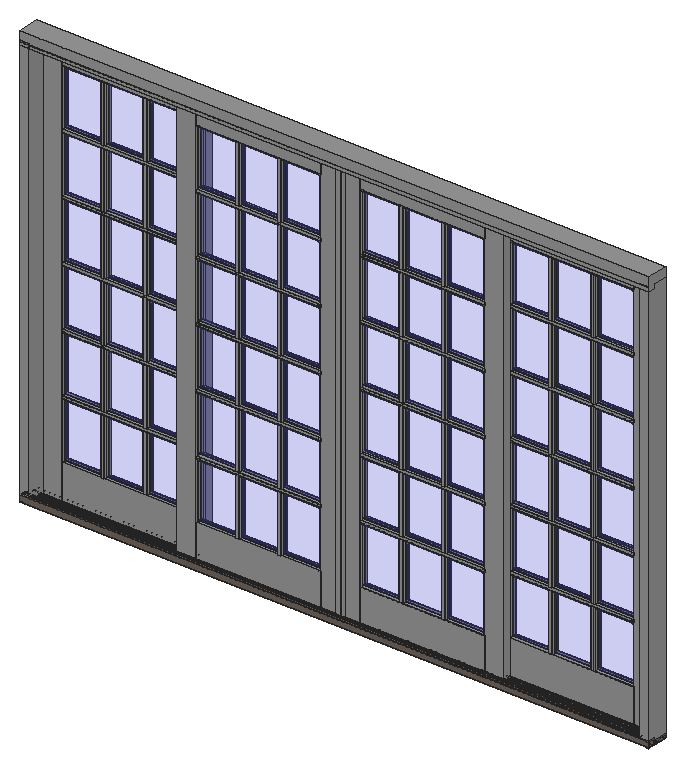
Revit family "VSDA3.1SPCO", category Doors, host Wall, Revit 2015 (continued)
Automatic sketch dimensions
  Sweep 20 sketch curve to Sweep 20 sketch curve = 6.759 mm
  Sweep 20 sketch curve to Sweep 20 sketch curve = 2 mm  (x2)
  Sweep 20 sketch curve to profile plane = 132.5 mm
  Sweep 20 sketch curve to Sweep 20 sketch curve = 6 mm
  Sweep 21 sketch curve to plane 3 "Left" = 760.48 mm
  Sweep 21 sketch curve to Sweep 21 sketch curve = 197.82 mm
  plane 5 to Sweep 21 sketch curve = 735 mm
  Sweep 21 sketch curve to Sweep 21 sketch curve = 284 mm
  Sweep 21 sketch curve to profile plane = 0 mm
  Sweep 21 sketch curve to profile plane = 0.241 mm
  Sweep 21 sketch curve to Sweep 21 sketch curve = 6.759 mm
  Sweep 21 sketch curve to Sweep 21 sketch curve = 2 mm  (x2)
  Sweep 21 sketch curve to profile plane = 132.5 mm
  Sweep 21 sketch curve to Sweep 21 sketch curve = 6 mm
  Sweep 22 sketch curve to plane 3 "Left" = 338.82 mm
  Sweep 22 sketch curve to plane 3 "Left" = 141 mm
  plane 5 to Sweep 22 sketch curve = 1032 mm
  Sweep 22 sketch curve to Sweep 22 sketch curve = 284 mm
  Sweep 22 sketch curve to profile plane = 0 mm
  Sweep 22 sketch curve to profile plane = 0.241 mm
  Sweep 22 sketch curve to Sweep 22 sketch curve = 6.759 mm
  Sweep 22 sketch curve to Sweep 22 sketch curve = 2 mm  (x2)
  Sweep 22 sketch curve to profile plane = 132.5 mm
  Sweep 22 sketch curve to Sweep 22 sketch curve = 6 mm
  host wall to Extrusion 23 sketch curve = 36 mm
  plane 3 "Left" to Extrusion 23 sketch curve = 571.66 mm
  Extrusion 23 sketch curve to Extrusion 23 sketch curve = 2 mm  (x8)
  Extrusion 23 sketch curve to Extrusion 23 sketch curve = 6.759 mm  (x4)
  Extrusion 23 sketch curve to Extrusion 23 sketch curve = 0.241 mm  (x6)
  host wall to Extrusion 23 sketch curve = 4 mm  (x2)
  Extrusion 23 sketch curve to Extrusion 23 sketch curve = 13 mm  (x3)
  Extrusion 23 sketch curve to Extrusion 23 sketch curve = 0 mm  (x2)
  host wall to Extrusion 23 sketch curve = 34 mm
  Extrusion 23 sketch curve to Extrusion 23 sketch curve = 179.84 mm
  Extrusion 23 sketch curve to Extrusion 23 sketch curve = 8 mm
  Extrusion 23 sketch curve to Extrusion 23 sketch curve = 6 mm  (x4)
  Extrusion 23 sketch curve to Extrusion 23 sketch curve = 1.197 mm  (x2)
  Sweep 24 sketch curve to plane 3 "Left" = 549.64 mm
  Sweep 24 sketch curve to Sweep 24 sketch curve = 197.82 mm
  plane 5 to Sweep 24 sketch curve = 1032 mm
  Sweep 24 sketch curve to Sweep 24 sketch curve = 284 mm
  Sweep 24 sketch curve to profile plane = 0 mm
  Sweep 24 sketch curve to profile plane = 0.241 mm
  Sweep 24 sketch curve to Sweep 24 sketch curve = 6.759 mm
  Sweep 24 sketch curve to Sweep 24 sketch curve = 2 mm  (x2)
  Sweep 24 sketch curve to profile plane = 132.5 mm
  Sweep 24 sketch curve to Sweep 24 sketch curve = 6 mm
  Sweep 25 sketch curve to plane 3 "Left" = 760.48 mm
  Sweep 25 sketch curve to Sweep 25 sketch curve = 197.82 mm
  plane 5 to Sweep 25 sketch curve = 1032 mm
  Sweep 25 sketch curve to Sweep 25 sketch curve = 284 mm
  Sweep 25 sketch curve to profile plane = 0 mm
  Sweep 25 sketch curve to profile plane = 0.241 mm
  Sweep 25 sketch curve to Sweep 25 sketch curve = 6.759 mm
  Sweep 25 sketch curve to Sweep 25 sketch curve = 2 mm  (x2)
  Sweep 25 sketch curve to profile plane = 132.5 mm
  Sweep 25 sketch curve to Sweep 25 sketch curve = 6 mm
  Sweep 26 sketch curve to plane 3 "Left" = 338.82 mm
  Sweep 26 sketch curve to plane 3 "Left" = 141 mm
  level to Sweep 26 sketch curve = 771 mm
  Sweep 26 sketch curve to Sweep 26 sketch curve = 284 mm
  Sweep 26 sketch curve to profile plane = 0 mm
  Sweep 26 sketch curve to profile plane = 0.241 mm
  Sweep 26 sketch curve to Sweep 26 sketch curve = 6.759 mm
  Sweep 26 sketch curve to Sweep 26 sketch curve = 2 mm  (x2)
  Sweep 26 sketch curve to profile plane = 132.5 mm
  Sweep 26 sketch curve to Sweep 26 sketch curve = 6 mm
  host wall to Extrusion 27 sketch curve = 36 mm
  plane 3 "Left" to Extrusion 27 sketch curve = 571.66 mm
  Extrusion 27 sketch curve to Extrusion 27 sketch curve = 2 mm  (x8)
  Extrusion 27 sketch curve to Extrusion 27 sketch curve = 6.759 mm  (x4)
  Extrusion 27 sketch curve to Extrusion 27 sketch curve = 0.241 mm  (x6)
  host wall to Extrusion 27 sketch curve = 4 mm  (x2)
  Extrusion 27 sketch curve to Extrusion 27 sketch curve = 13 mm  (x3)
  Extrusion 27 sketch curve to Extrusion 27 sketch curve = 0 mm  (x2)
  host wall to Extrusion 27 sketch curve = 34 mm
  Extrusion 27 sketch curve to Extrusion 27 sketch curve = 179.84 mm
  Extrusion 27 sketch curve to Extrusion 27 sketch curve = 8 mm
  Extrusion 27 sketch curve to Extrusion 27 sketch curve = 6 mm  (x4)
  Extrusion 27 sketch curve to Extrusion 27 sketch curve = 1.197 mm  (x2)
  Sweep 28 sketch curve to plane 3 "Left" = 549.64 mm
  Sweep 28 sketch curve to Sweep 28 sketch curve = 197.82 mm
  level to Sweep 28 sketch curve = 771 mm
  Sweep 28 sketch curve to Sweep 28 sketch curve = 284 mm
  Sweep 28 sketch curve to profile plane = 0 mm
  Sweep 28 sketch curve to profile plane = 0.241 mm
  Sweep 28 sketch curve to Sweep 28 sketch curve = 6.759 mm
  Sweep 28 sketch curve to Sweep 28 sketch curve = 2 mm  (x2)
  Sweep 28 sketch curve to profile plane = 132.5 mm
  Sweep 28 sketch curve to Sweep 28 sketch curve = 6 mm
  Sweep 29 sketch curve to plane 3 "Left" = 760.48 mm
  Sweep 29 sketch curve to Sweep 29 sketch curve = 197.82 mm
  level to Sweep 29 sketch curve = 771 mm
  Sweep 29 sketch curve to Sweep 29 sketch curve = 284 mm
  Sweep 29 sketch curve to profile plane = 0 mm
  Sweep 29 sketch curve to profile plane = 0.241 mm
  Sweep 29 sketch curve to Sweep 29 sketch curve = 6.759 mm
  Sweep 29 sketch curve to Sweep 29 sketch curve = 2 mm  (x2)
  Sweep 29 sketch curve to profile plane = 132.5 mm
  Sweep 29 sketch curve to Sweep 29 sketch curve = 6 mm
  Sweep 30 sketch curve to plane 3 "Left" = 338.82 mm
  Sweep 30 sketch curve to plane 3 "Left" = 141 mm
  level to Sweep 30 sketch curve = 474 mm
  level to Sweep 30 sketch curve = 190 mm
  Sweep 30 sketch curve to profile plane = 0 mm
  Sweep 30 sketch curve to profile plane = 0.241 mm
  Sweep 30 sketch curve to Sweep 30 sketch curve = 6.759 mm
  Sweep 30 sketch curve to Sweep 30 sketch curve = 2 mm  (x2)
  Sweep 30 sketch curve to profile plane = 132.5 mm
  Sweep 30 sketch curve to Sweep 30 sketch curve = 6 mm
  host wall to Extrusion 31 sketch curve = 36 mm
  plane 3 "Left" to Extrusion 31 sketch curve = 571.66 mm
  Extrusion 31 sketch curve to Extrusion 31 sketch curve = 2 mm  (x8)
  Extrusion 31 sketch curve to Extrusion 31 sketch curve = 6.759 mm  (x4)
  Extrusion 31 sketch curve to Extrusion 31 sketch curve = 0.241 mm  (x6)
  host wall to Extrusion 31 sketch curve = 4 mm  (x2)
  Extrusion 31 sketch curve to Extrusion 31 sketch curve = 13 mm  (x3)
  Extrusion 31 sketch curve to Extrusion 31 sketch curve = 0 mm  (x2)
  host wall to Extrusion 31 sketch curve = 34 mm
  Extrusion 31 sketch curve to Extrusion 31 sketch curve = 179.84 mm
  Extrusion 31 sketch curve to Extrusion 31 sketch curve = 8 mm
  Extrusion 31 sketch curve to Extrusion 31 sketch curve = 6 mm  (x4)
  Extrusion 31 sketch curve to Extrusion 31 sketch curve = 1.197 mm  (x2)
  level to Sweep 32 sketch curve = 190 mm
  Sweep 32 sketch curve to plane 3 "Left" = 549.64 mm
  Sweep 32 sketch curve to Sweep 32 sketch curve = 197.82 mm
  Sweep 32 sketch curve to Sweep 32 sketch curve = 284 mm
  Sweep 32 sketch curve to profile plane = 0 mm
  Sweep 32 sketch curve to profile plane = 0.241 mm
  Sweep 32 sketch curve to Sweep 32 sketch curve = 6.759 mm
  Sweep 32 sketch curve to Sweep 32 sketch curve = 2 mm  (x2)
  Sweep 32 sketch curve to profile plane = 132.5 mm
  Sweep 32 sketch curve to Sweep 32 sketch curve = 6 mm
  level to Sweep 33 sketch curve = 190 mm
  Sweep 33 sketch curve to plane 3 "Left" = 760.48 mm
  Sweep 33 sketch curve to Sweep 33 sketch curve = 197.82 mm
  Sweep 33 sketch curve to Sweep 33 sketch curve = 284 mm
  Sweep 33 sketch curve to profile plane = 0 mm
  Sweep 33 sketch curve to profile plane = 0.241 mm
  Sweep 33 sketch curve to Sweep 33 sketch curve = 6.759 mm
  Sweep 33 sketch curve to Sweep 33 sketch curve = 2 mm  (x2)
  Sweep 33 sketch curve to profile plane = 132.5 mm
  Sweep 33 sketch curve to Sweep 33 sketch curve = 6 mm
  host wall to Extrusion 34 sketch curve = 15.5 mm  (x7)
  Extrusion 34 sketch curve to Extrusion 34 sketch curve = 2 mm  (x28)
  host wall to Extrusion 34 sketch curve = 7.5 mm  (x12)
  host wall to Extrusion 34 sketch curve = 6.697 mm  (x12)
  Extrusion 34 sketch curve to Extrusion 34 sketch curve = 1.197 mm  (x8)
  Extrusion 34 sketch curve to host wall = 24.5 mm  (x7)
  plane 5 to Extrusion 34 sketch curve = 45 mm
  Extrusion 34 sketch curve to Extrusion 34 sketch curve = 96 mm
  Extrusion 34 sketch curve to Extrusion 34 sketch curve = 0 mm  (x6)
  Extrusion 34 sketch curve to Extrusion 34 sketch curve = 0.241 mm  (x12)
  Extrusion 34 sketch curve to Extrusion 34 sketch curve = 266 mm  (x5)
  Extrusion 34 sketch curve to Extrusion 34 sketch curve = 6.759 mm  (x6)
  Extrusion 34 sketch curve to Extrusion 34 sketch curve = 13 mm  (x5)
  level to Extrusion 34 sketch curve = 199 mm
  level to Extrusion 34 sketch curve = 19 mm
  Sweep 35 sketch curve to plane 2 "Center (Left/Right)" = 519.68 mm
  Sweep 35 sketch curve to Sweep 35 sketch curve = 197.82 mm
  Sweep 35 sketch curve to Sweep 35 sketch curve = 284 mm
  Sweep 35 sketch curve to profile plane = 0 mm
  Sweep 35 sketch curve to profile plane = 0.241 mm
  Sweep 35 sketch curve to Sweep 35 sketch curve = 6.759 mm
  Sweep 35 sketch curve to Sweep 35 sketch curve = 2 mm  (x2)
  Sweep 35 sketch curve to profile plane = 132.5 mm
  Sweep 35 sketch curve to Sweep 35 sketch curve = 6 mm
  Extrusion 36 sketch curve to plane 2 "Center (Left/Right)" = 98 mm  (x4)
  Extrusion 36 sketch curve to Extrusion 36 sketch curve = 0 mm  (x23)
  Extrusion 36 sketch curve to Extrusion 36 sketch curve = 197.83 mm  (x3)
  Extrusion 36 sketch curve to Extrusion 36 sketch curve = 13.01 mm  (x10)
  Extrusion 36 sketch curve to Extrusion 36 sketch curve = 197.84 mm  (x3)
  Extrusion 36 sketch curve to Extrusion 36 sketch curve = 197.81 mm
  plane 5 to Extrusion 36 sketch curve = 141 mm
  plane 5 to Extrusion 36 sketch curve = 141.011 mm
  Extrusion 36 sketch curve to Extrusion 36 sketch curve = 283.989 mm  (x5)
  Extrusion 36 sketch curve to Extrusion 36 sketch curve = 0.011 mm  (x7)
  Extrusion 36 sketch curve to Extrusion 36 sketch curve = 12.989 mm
  Extrusion 36 sketch curve to Extrusion 36 sketch curve = 13 mm  (x6)
  Extrusion 36 sketch curve to Extrusion 36 sketch curve = 13.011 mm  (x5)
  level to Extrusion 36 sketch curve = 190.022 mm
  level to Extrusion 36 sketch curve = 190.011 mm
  Extrusion 37 sketch curve to host wall = 7.5 mm  (x3)
  plane 2 "Center (Left/Right)" to Extrusion 37 sketch curve = 286.84 mm
  Extrusion 37 sketch curve to Extrusion 37 sketch curve = 2 mm  (x8)
  Extrusion 37 sketch curve to Extrusion 37 sketch curve = 6.759 mm  (x4)
  Extrusion 37 sketch curve to Extrusion 37 sketch curve = 0.241 mm  (x6)
  Extrusion 37 sketch curve to Extrusion 37 sketch curve = 13 mm  (x3)
  Extrusion 37 sketch curve to Extrusion 37 sketch curve = 0 mm  (x2)
  Extrusion 37 sketch curve to host wall = 5.5 mm
  Extrusion 37 sketch curve to Extrusion 37 sketch curve = 179.84 mm
  Extrusion 37 sketch curve to Extrusion 37 sketch curve = 8 mm
  Extrusion 37 sketch curve to host wall = 13.5 mm
  Extrusion 37 sketch curve to Extrusion 37 sketch curve = 6 mm
  Extrusion 37 sketch curve to Extrusion 37 sketch curve = 1.197 mm  (x2)
  host wall to Extrusion 37 sketch curve = 24.5 mm  (x2)
  Sweep 38 sketch curve to plane 2 "Center (Left/Right)" = 308.86 mm
  Sweep 38 sketch curve to Sweep 38 sketch curve = 197.82 mm
  plane 5 to Sweep 38 sketch curve = 141 mm
  Sweep 38 sketch curve to Sweep 38 sketch curve = 284 mm
  Sweep 38 sketch curve to profile plane = 0 mm
  Sweep 38 sketch curve to profile plane = 0.241 mm
  Sweep 38 sketch curve to Sweep 38 sketch curve = 6.759 mm
  Sweep 38 sketch curve to Sweep 38 sketch curve = 2 mm  (x2)
  Sweep 38 sketch curve to profile plane = 132.5 mm
  Sweep 38 sketch curve to Sweep 38 sketch curve = 6 mm
  Sweep 39 sketch curve to plane 2 "Center (Left/Right)" = 98.02 mm
  Sweep 39 sketch curve to Sweep 39 sketch curve = 197.82 mm
  plane 5 to Sweep 39 sketch curve = 141 mm
  Sweep 39 sketch curve to Sweep 39 sketch curve = 284 mm
  Sweep 39 sketch curve to profile plane = 0 mm
  Sweep 39 sketch curve to profile plane = 0.241 mm
  Sweep 39 sketch curve to Sweep 39 sketch curve = 6.759 mm
  Sweep 39 sketch curve to Sweep 39 sketch curve = 2 mm  (x2)
  Sweep 39 sketch curve to profile plane = 132.5 mm
  Sweep 39 sketch curve to Sweep 39 sketch curve = 6 mm
  Sweep 40 sketch curve to plane 2 "Center (Left/Right)" = 519.68 mm
  Sweep 40 sketch curve to Sweep 40 sketch curve = 197.82 mm
  plane 5 to Sweep 40 sketch curve = 438 mm
  Sweep 40 sketch curve to Sweep 40 sketch curve = 284 mm
  Sweep 40 sketch curve to profile plane = 0 mm
  Sweep 40 sketch curve to profile plane = 0.241 mm
  Sweep 40 sketch curve to Sweep 40 sketch curve = 6.759 mm
  Sweep 40 sketch curve to Sweep 40 sketch curve = 2 mm  (x2)
  Sweep 40 sketch curve to profile plane = 132.5 mm
  Sweep 40 sketch curve to Sweep 40 sketch curve = 6 mm
  Sweep 41 sketch curve to plane 2 "Center (Left/Right)" = 308.86 mm
  Sweep 41 sketch curve to Sweep 41 sketch curve = 197.82 mm
  plane 5 to Sweep 41 sketch curve = 438 mm
  Sweep 41 sketch curve to Sweep 41 sketch curve = 284 mm
  Sweep 41 sketch curve to profile plane = 0 mm
  Sweep 41 sketch curve to profile plane = 0.241 mm
  Sweep 41 sketch curve to Sweep 41 sketch curve = 6.759 mm
  Sweep 41 sketch curve to Sweep 41 sketch curve = 2 mm  (x2)
  Sweep 41 sketch curve to profile plane = 132.5 mm
  Sweep 41 sketch curve to Sweep 41 sketch curve = 6 mm
  Sweep 42 sketch curve to plane 2 "Center (Left/Right)" = 98.02 mm
  Sweep 42 sketch curve to Sweep 42 sketch curve = 197.82 mm
  plane 5 to Sweep 42 sketch curve = 438 mm
  Sweep 42 sketch curve to Sweep 42 sketch curve = 284 mm
  Sweep 42 sketch curve to profile plane = 0 mm
  Sweep 42 sketch curve to profile plane = 0.241 mm
  Sweep 42 sketch curve to Sweep 42 sketch curve = 6.759 mm
  Sweep 42 sketch curve to Sweep 42 sketch curve = 2 mm  (x2)
  Sweep 42 sketch curve to profile plane = 132.5 mm
  Sweep 42 sketch curve to Sweep 42 sketch curve = 6 mm
  Sweep 43 sketch curve to plane 2 "Center (Left/Right)" = 519.68 mm
  Sweep 43 sketch curve to Sweep 43 sketch curve = 197.82 mm
  plane 5 to Sweep 43 sketch curve = 735 mm
  Sweep 43 sketch curve to Sweep 43 sketch curve = 284 mm
  Sweep 43 sketch curve to profile plane = 0 mm
  Sweep 43 sketch curve to profile plane = 0.241 mm
  Sweep 43 sketch curve to Sweep 43 sketch curve = 6.759 mm
  Sweep 43 sketch curve to Sweep 43 sketch curve = 2 mm  (x2)
  Sweep 43 sketch curve to profile plane = 132.5 mm
  Sweep 43 sketch curve to Sweep 43 sketch curve = 6 mm
  Sweep 44 sketch curve to plane 2 "Center (Left/Right)" = 308.86 mm
  Sweep 44 sketch curve to Sweep 44 sketch curve = 197.82 mm
  plane 5 to Sweep 44 sketch curve = 735 mm
  Sweep 44 sketch curve to Sweep 44 sketch curve = 284 mm
  Sweep 44 sketch curve to profile plane = 0 mm
  Sweep 44 sketch curve to profile plane = 0.241 mm
  Sweep 44 sketch curve to Sweep 44 sketch curve = 6.759 mm
  Sweep 44 sketch curve to Sweep 44 sketch curve = 2 mm  (x2)
  Sweep 44 sketch curve to profile plane = 132.5 mm
  Sweep 44 sketch curve to Sweep 44 sketch curve = 6 mm
  Sweep 45 sketch curve to plane 2 "Center (Left/Right)" = 98.02 mm
  Sweep 45 sketch curve to Sweep 45 sketch curve = 197.82 mm
  plane 5 to Sweep 45 sketch curve = 735 mm
  Sweep 45 sketch curve to Sweep 45 sketch curve = 284 mm
  Sweep 45 sketch curve to profile plane = 0 mm
  Sweep 45 sketch curve to profile plane = 0.241 mm
  Sweep 45 sketch curve to Sweep 45 sketch curve = 6.759 mm
  Sweep 45 sketch curve to Sweep 45 sketch curve = 2 mm  (x2)
  Sweep 45 sketch curve to profile plane = 132.5 mm
  Sweep 45 sketch curve to Sweep 45 sketch curve = 6 mm
  Sweep 46 sketch curve to plane 2 "Center (Left/Right)" = 519.68 mm
  Sweep 46 sketch curve to Sweep 46 sketch curve = 197.82 mm
  plane 5 to Sweep 46 sketch curve = 1032 mm
  Sweep 46 sketch curve to Sweep 46 sketch curve = 284 mm
  Sweep 46 sketch curve to profile plane = 0 mm
  Sweep 46 sketch curve to profile plane = 0.241 mm
  Sweep 46 sketch curve to Sweep 46 sketch curve = 6.759 mm
  Sweep 46 sketch curve to Sweep 46 sketch curve = 2 mm  (x2)
  Sweep 46 sketch curve to profile plane = 132.5 mm
  Sweep 46 sketch curve to Sweep 46 sketch curve = 6 mm
  Sweep 47 sketch curve to plane 2 "Center (Left/Right)" = 308.86 mm
  Sweep 47 sketch curve to Sweep 47 sketch curve = 197.82 mm
  plane 5 to Sweep 47 sketch curve = 1032 mm
  Sweep 47 sketch curve to Sweep 47 sketch curve = 284 mm
  Sweep 47 sketch curve to profile plane = 0 mm
  Sweep 47 sketch curve to profile plane = 0.241 mm
  Sweep 47 sketch curve to Sweep 47 sketch curve = 6.759 mm
  Sweep 47 sketch curve to Sweep 47 sketch curve = 2 mm  (x2)
  Sweep 47 sketch curve to profile plane = 132.5 mm
  Sweep 47 sketch curve to Sweep 47 sketch curve = 6 mm
  Sweep 48 sketch curve to plane 2 "Center (Left/Right)" = 98.02 mm
  Sweep 48 sketch curve to Sweep 48 sketch curve = 197.82 mm
  plane 5 to Sweep 48 sketch curve = 1032 mm
  Sweep 48 sketch curve to Sweep 48 sketch curve = 284 mm
  Sweep 48 sketch curve to profile plane = 0 mm
  Sweep 48 sketch curve to profile plane = 0.241 mm
  Sweep 48 sketch curve to Sweep 48 sketch curve = 6.759 mm
  Sweep 48 sketch curve to Sweep 48 sketch curve = 2 mm  (x2)
  Sweep 48 sketch curve to profile plane = 132.5 mm
  Sweep 48 sketch curve to Sweep 48 sketch curve = 6 mm
  Sweep 49 sketch curve to plane 2 "Center (Left/Right)" = 519.68 mm
  Sweep 49 sketch curve to Sweep 49 sketch curve = 197.82 mm
  level to Sweep 49 sketch curve = 771 mm
  Sweep 49 sketch curve to Sweep 49 sketch curve = 284 mm
  Sweep 49 sketch curve to profile plane = 0 mm
  Sweep 49 sketch curve to profile plane = 0.241 mm
  Sweep 49 sketch curve to Sweep 49 sketch curve = 6.759 mm
  Sweep 49 sketch curve to Sweep 49 sketch curve = 2 mm  (x2)
  Sweep 49 sketch curve to profile plane = 132.5 mm
  Sweep 49 sketch curve to Sweep 49 sketch curve = 6 mm
  Sweep 50 sketch curve to plane 2 "Center (Left/Right)" = 308.86 mm
  Sweep 50 sketch curve to Sweep 50 sketch curve = 197.82 mm
  level to Sweep 50 sketch curve = 771 mm
  Sweep 50 sketch curve to Sweep 50 sketch curve = 284 mm
  Sweep 50 sketch curve to profile plane = 0 mm
  Sweep 50 sketch curve to profile plane = 0.241 mm
  Sweep 50 sketch curve to Sweep 50 sketch curve = 6.759 mm
  Sweep 50 sketch curve to Sweep 50 sketch curve = 2 mm  (x2)
  Sweep 50 sketch curve to profile plane = 132.5 mm
  Sweep 50 sketch curve to Sweep 50 sketch curve = 6 mm
  Sweep 51 sketch curve to plane 2 "Center (Left/Right)" = 98.02 mm
  Sweep 51 sketch curve to Sweep 51 sketch curve = 197.82 mm
  level to Sweep 51 sketch curve = 771 mm
  Sweep 51 sketch curve to Sweep 51 sketch curve = 284 mm
  Sweep 51 sketch curve to profile plane = 0 mm
  Sweep 51 sketch curve to profile plane = 0.241 mm
  Sweep 51 sketch curve to Sweep 51 sketch curve = 6.759 mm
  Sweep 51 sketch curve to Sweep 51 sketch curve = 2 mm  (x2)
  Sweep 51 sketch curve to profile plane = 132.5 mm
  Sweep 51 sketch curve to Sweep 51 sketch curve = 6 mm
  level to Sweep 52 sketch curve = 190 mm
  Sweep 52 sketch curve to plane 2 "Center (Left/Right)" = 519.68 mm
  Sweep 52 sketch curve to Sweep 52 sketch curve = 197.82 mm
  Sweep 52 sketch curve to Sweep 52 sketch curve = 284 mm
  Sweep 52 sketch curve to profile plane = 0 mm
  Sweep 52 sketch curve to profile plane = 0.241 mm
  Sweep 52 sketch curve to Sweep 52 sketch curve = 6.759 mm
  Sweep 52 sketch curve to Sweep 52 sketch curve = 2 mm  (x2)
  Sweep 52 sketch curve to profile plane = 132.5 mm
  Sweep 52 sketch curve to Sweep 52 sketch curve = 6 mm
  Sweep 53 sketch curve to plane 2 "Center (Left/Right)" = 308.86 mm
  Sweep 53 sketch curve to Sweep 53 sketch curve = 197.82 mm
  level to Sweep 53 sketch curve = 474 mm
  level to Sweep 53 sketch curve = 190 mm
  Sweep 53 sketch curve to profile plane = 0 mm
  Sweep 53 sketch curve to profile plane = 0.241 mm
  Sweep 53 sketch curve to Sweep 53 sketch curve = 6.759 mm
  Sweep 53 sketch curve to Sweep 53 sketch curve = 2 mm  (x2)
  Sweep 53 sketch curve to profile plane = 132.5 mm
  Sweep 53 sketch curve to Sweep 53 sketch curve = 6 mm
  Sweep 54 sketch curve to plane 2 "Center (Left/Right)" = 98.02 mm
  Sweep 54 sketch curve to Sweep 54 sketch curve = 197.82 mm
  level to Sweep 54 sketch curve = 474 mm
  level to Sweep 54 sketch curve = 190 mm
  Sweep 54 sketch curve to profile plane = 0 mm
  Sweep 54 sketch curve to profile plane = 0.241 mm
  Sweep 54 sketch curve to Sweep 54 sketch curve = 6.759 mm
  Sweep 54 sketch curve to Sweep 54 sketch curve = 2 mm  (x2)
  Sweep 54 sketch curve to profile plane = 132.5 mm
  Sweep 54 sketch curve to Sweep 54 sketch curve = 6 mm
  Extrusion 55 sketch curve to host wall = 7.5 mm  (x3)
  plane 2 "Center (Left/Right)" to Extrusion 55 sketch curve = 286.84 mm
  Extrusion 55 sketch curve to Extrusion 55 sketch curve = 2 mm  (x8)
  Extrusion 55 sketch curve to Extrusion 55 sketch curve = 6.759 mm  (x4)
  Extrusion 55 sketch curve to Extrusion 55 sketch curve = 0.241 mm  (x6)
  Extrusion 55 sketch curve to Extrusion 55 sketch curve = 13 mm  (x3)
  Extrusion 55 sketch curve to Extrusion 55 sketch curve = 0 mm  (x2)
  Extrusion 55 sketch curve to host wall = 5.5 mm
  Extrusion 55 sketch curve to Extrusion 55 sketch curve = 179.84 mm
  Extrusion 55 sketch curve to Extrusion 55 sketch curve = 8 mm
  Extrusion 55 sketch curve to host wall = 13.5 mm
  Extrusion 55 sketch curve to Extrusion 55 sketch curve = 6 mm
  Extrusion 55 sketch curve to Extrusion 55 sketch curve = 1.197 mm  (x2)
  host wall to Extrusion 55 sketch curve = 24.5 mm  (x2)
  Extrusion 56 sketch curve to host wall = 7.5 mm  (x3)
  plane 2 "Center (Left/Right)" to Extrusion 56 sketch curve = 286.84 mm
  Extrusion 56 sketch curve to Extrusion 56 sketch curve = 2 mm  (x8)
  Extrusion 56 sketch curve to Extrusion 56 sketch curve = 6.759 mm  (x4)
  Extrusion 56 sketch curve to Extrusion 56 sketch curve = 0.241 mm  (x6)
  Extrusion 56 sketch curve to Extrusion 56 sketch curve = 13 mm  (x3)
  Extrusion 56 sketch curve to Extrusion 56 sketch curve = 0 mm  (x2)
  Extrusion 56 sketch curve to host wall = 5.5 mm
  Extrusion 56 sketch curve to Extrusion 56 sketch curve = 179.84 mm
  Extrusion 56 sketch curve to Extrusion 56 sketch curve = 8 mm
  Extrusion 56 sketch curve to host wall = 13.5 mm
  Extrusion 56 sketch curve to Extrusion 56 sketch curve = 6 mm
  Extrusion 56 sketch curve to Extrusion 56 sketch curve = 1.197 mm  (x2)
  host wall to Extrusion 56 sketch curve = 24.5 mm  (x2)
  Extrusion 57 sketch curve to host wall = 7.5 mm  (x3)
  plane 2 "Center (Left/Right)" to Extrusion 57 sketch curve = 286.84 mm
  Extrusion 57 sketch curve to Extrusion 57 sketch curve = 2 mm  (x8)
  Extrusion 57 sketch curve to Extrusion 57 sketch curve = 6.759 mm  (x4)
  Extrusion 57 sketch curve to Extrusion 57 sketch curve = 0.241 mm  (x6)
  Extrusion 57 sketch curve to Extrusion 57 sketch curve = 13 mm  (x3)
  Extrusion 57 sketch curve to Extrusion 57 sketch curve = 0 mm  (x2)
  Extrusion 57 sketch curve to host wall = 5.5 mm
  Extrusion 57 sketch curve to Extrusion 57 sketch curve = 179.84 mm
  Extrusion 57 sketch curve to Extrusion 57 sketch curve = 8 mm
  Extrusion 57 sketch curve to host wall = 13.5 mm
  Extrusion 57 sketch curve to Extrusion 57 sketch curve = 6 mm
  Extrusion 57 sketch curve to Extrusion 57 sketch curve = 1.197 mm  (x2)
  host wall to Extrusion 57 sketch curve = 24.5 mm  (x2)
  Extrusion 58 sketch curve to host wall = 7.5 mm  (x3)
  plane 2 "Center (Left/Right)" to Extrusion 58 sketch curve = 286.84 mm
  Extrusion 58 sketch curve to Extrusion 58 sketch curve = 2 mm  (x8)
  Extrusion 58 sketch curve to Extrusion 58 sketch curve = 6.759 mm  (x4)
  Extrusion 58 sketch curve to Extrusion 58 sketch curve = 0.241 mm  (x6)
  Extrusion 58 sketch curve to Extrusion 58 sketch curve = 13 mm  (x3)
  Extrusion 58 sketch curve to Extrusion 58 sketch curve = 0 mm  (x2)
  Extrusion 58 sketch curve to host wall = 5.5 mm
  Extrusion 58 sketch curve to Extrusion 58 sketch curve = 179.84 mm
  Extrusion 58 sketch curve to Extrusion 58 sketch curve = 8 mm
  Extrusion 58 sketch curve to host wall = 13.5 mm
  Extrusion 58 sketch curve to Extrusion 58 sketch curve = 6 mm
  Extrusion 58 sketch curve to Extrusion 58 sketch curve = 1.197 mm  (x2)
  host wall to Extrusion 58 sketch curve = 24.5 mm  (x2)
  Extrusion 59 sketch curve to host wall = 7.5 mm  (x3)
  plane 2 "Center (Left/Right)" to Extrusion 59 sketch curve = 286.84 mm
  Extrusion 59 sketch curve to Extrusion 59 sketch curve = 2 mm  (x8)
  Extrusion 59 sketch curve to Extrusion 59 sketch curve = 6.759 mm  (x4)
  Extrusion 59 sketch curve to Extrusion 59 sketch curve = 0.241 mm  (x6)
  Extrusion 59 sketch curve to Extrusion 59 sketch curve = 13 mm  (x3)
  Extrusion 59 sketch curve to Extrusion 59 sketch curve = 0 mm  (x2)
  Extrusion 59 sketch curve to host wall = 5.5 mm
  Extrusion 59 sketch curve to Extrusion 59 sketch curve = 179.84 mm
  Extrusion 59 sketch curve to Extrusion 59 sketch curve = 8 mm
  Extrusion 59 sketch curve to host wall = 13.5 mm
  Extrusion 59 sketch curve to Extrusion 59 sketch curve = 6 mm
  Extrusion 59 sketch curve to Extrusion 59 sketch curve = 1.197 mm  (x2)
  host wall to Extrusion 59 sketch curve = 24.5 mm  (x2)
  Extrusion 60 sketch curve to host wall = 31 mm  (x7)
  Extrusion 60 sketch curve to Extrusion 60 sketch curve = 2 mm  (x28)
  Extrusion 60 sketch curve to Extrusion 60 sketch curve = 6 mm  (x12)
  Extrusion 60 sketch curve to Extrusion 60 sketch curve = 0.803 mm  (x8)
  Extrusion 60 sketch curve to Extrusion 60 sketch curve = 6.803 mm  (x4)
  Extrusion 60 sketch curve to Extrusion 60 sketch curve = 1.197 mm  (x8)
  Extrusion 60 sketch curve to host wall = 4 mm  (x7)
  level to Extrusion 60 sketch curve = 19 mm
  Extrusion 60 sketch curve to Extrusion 60 sketch curve = 171 mm
  Extrusion 60 sketch curve to Extrusion 60 sketch curve = 0 mm  (x4)
  Extrusion 60 sketch curve to Extrusion 60 sketch curve = 0.241 mm  (x12)
  Extrusion 60 sketch curve to Extrusion 60 sketch curve = 266 mm  (x5)
  Extrusion 60 sketch curve to Extrusion 60 sketch curve = 6.759 mm  (x6)
  Extrusion 60 sketch curve to Extrusion 60 sketch curve = 13 mm  (x7)
  plane 5 to Extrusion 60 sketch curve = 150 mm
  plane 5 to Extrusion 60 sketch curve = 45 mm
  plane 4 "Right" to Sweep 61 sketch curve = 338.82 mm
  plane 4 "Right" to Sweep 61 sketch curve = 141 mm
  Sweep 61 sketch curve to Sweep 61 sketch curve = 284 mm
  profile plane to Sweep 61 sketch curve = 0 mm
  profile plane to Sweep 61 sketch curve = 0.241 mm
  Sweep 61 sketch curve to Sweep 61 sketch curve = 6.759 mm
  Sweep 61 sketch curve to Sweep 61 sketch curve = 2 mm  (x2)
  Sweep 61 sketch curve to profile plane = 132.5 mm
  Sweep 61 sketch curve to Sweep 61 sketch curve = 6 mm
  plane 4 "Right" to Extrusion 62 sketch curve = 760.5 mm  (x2)
  Extrusion 62 sketch curve to Extrusion 62 sketch curve = 0 mm  (x23)
  plane 5 to Extrusion 62 sketch curve = 141 mm  (x2)
  Extrusion 62 sketch curve to Extrusion 62 sketch curve = 197.83 mm  (x3)
  Extrusion 62 sketch curve to Extrusion 62 sketch curve = 13.01 mm  (x10)
  Extrusion 62 sketch curve to Extrusion 62 sketch curve = 197.84 mm  (x3)
  plane 4 "Right" to Extrusion 62 sketch curve = 141 mm
  Extrusion 62 sketch curve to Extrusion 62 sketch curve = 0.011 mm  (x7)
  Extrusion 62 sketch curve to Extrusion 62 sketch curve = 283.989 mm  (x6)
  Extrusion 62 sketch curve to Extrusion 62 sketch curve = 12.989 mm
  Extrusion 62 sketch curve to Extrusion 62 sketch curve = 13 mm  (x6)
  Extrusion 62 sketch curve to Extrusion 62 sketch curve = 13.011 mm  (x6)
  level to Extrusion 62 sketch curve = 190.022 mm
  level to Extrusion 62 sketch curve = 190.011 mm
  Extrusion 63 sketch curve to host wall = 36 mm
  plane 4 "Right" to Extrusion 63 sketch curve = 571.66 mm
  Extrusion 63 sketch curve to Extrusion 63 sketch curve = 2 mm  (x8)
  Extrusion 63 sketch curve to Extrusion 63 sketch curve = 6.759 mm  (x4)
  Extrusion 63 sketch curve to Extrusion 63 sketch curve = 0.241 mm  (x6)
  Extrusion 63 sketch curve to host wall = 4 mm  (x2)
  Extrusion 63 sketch curve to Extrusion 63 sketch curve = 13 mm  (x3)
  Extrusion 63 sketch curve to Extrusion 63 sketch curve = 0 mm  (x2)
  Extrusion 63 sketch curve to host wall = 34 mm
  Extrusion 63 sketch curve to Extrusion 63 sketch curve = 179.84 mm
  Extrusion 63 sketch curve to Extrusion 63 sketch curve = 8 mm
  Extrusion 63 sketch curve to Extrusion 63 sketch curve = 6 mm  (x4)
  Extrusion 63 sketch curve to Extrusion 63 sketch curve = 1.197 mm  (x2)
  plane 4 "Right" to Sweep 64 sketch curve = 549.64 mm
  Sweep 64 sketch curve to Sweep 64 sketch curve = 197.82 mm
  plane 5 to Sweep 64 sketch curve = 425 mm
  plane 5 to Sweep 64 sketch curve = 141 mm
  profile plane to Sweep 64 sketch curve = 0 mm
  profile plane to Sweep 64 sketch curve = 0.241 mm
  Sweep 64 sketch curve to Sweep 64 sketch curve = 6.759 mm
  Sweep 64 sketch curve to Sweep 64 sketch curve = 2 mm  (x2)
  Sweep 64 sketch curve to profile plane = 132.5 mm
  Sweep 64 sketch curve to Sweep 64 sketch curve = 6 mm
  plane 4 "Right" to Sweep 65 sketch curve = 760.48 mm
  Sweep 65 sketch curve to Sweep 65 sketch curve = 197.82 mm
  plane 5 to Sweep 65 sketch curve = 425 mm
  plane 5 to Sweep 65 sketch curve = 141 mm
  profile plane to Sweep 65 sketch curve = 0 mm
  profile plane to Sweep 65 sketch curve = 0.241 mm
  Sweep 65 sketch curve to Sweep 65 sketch curve = 6.759 mm
  Sweep 65 sketch curve to Sweep 65 sketch curve = 2 mm  (x2)
  Sweep 65 sketch curve to profile plane = 132.5 mm
  Sweep 65 sketch curve to Sweep 65 sketch curve = 6 mm
  plane 4 "Right" to Sweep 66 sketch curve = 338.82 mm
  plane 4 "Right" to Sweep 66 sketch curve = 141 mm
  plane 5 to Sweep 66 sketch curve = 722 mm
  Sweep 66 sketch curve to Sweep 66 sketch curve = 284 mm
  profile plane to Sweep 66 sketch curve = 0 mm
  profile plane to Sweep 66 sketch curve = 0.241 mm
  Sweep 66 sketch curve to Sweep 66 sketch curve = 6.759 mm
  Sweep 66 sketch curve to Sweep 66 sketch curve = 2 mm  (x2)
  Sweep 66 sketch curve to profile plane = 132.5 mm
  Sweep 66 sketch curve to Sweep 66 sketch curve = 6 mm
  Extrusion 67 sketch curve to host wall = 36 mm
  plane 4 "Right" to Extrusion 67 sketch curve = 571.66 mm
  Extrusion 67 sketch curve to Extrusion 67 sketch curve = 2 mm  (x8)
  Extrusion 67 sketch curve to Extrusion 67 sketch curve = 6.759 mm  (x4)
  Extrusion 67 sketch curve to Extrusion 67 sketch curve = 0.241 mm  (x6)
  Extrusion 67 sketch curve to host wall = 4 mm  (x2)
  Extrusion 67 sketch curve to Extrusion 67 sketch curve = 13 mm  (x3)
  Extrusion 67 sketch curve to Extrusion 67 sketch curve = 0 mm  (x2)
  Extrusion 67 sketch curve to host wall = 34 mm
  Extrusion 67 sketch curve to Extrusion 67 sketch curve = 179.84 mm
  Extrusion 67 sketch curve to Extrusion 67 sketch curve = 8 mm
  Extrusion 67 sketch curve to Extrusion 67 sketch curve = 6 mm  (x4)
  Extrusion 67 sketch curve to Extrusion 67 sketch curve = 1.197 mm  (x2)
  plane 4 "Right" to Sweep 68 sketch curve = 549.64 mm
  Sweep 68 sketch curve to Sweep 68 sketch curve = 197.82 mm
  plane 5 to Sweep 68 sketch curve = 722 mm
  Sweep 68 sketch curve to Sweep 68 sketch curve = 284 mm
  profile plane to Sweep 68 sketch curve = 0 mm
  profile plane to Sweep 68 sketch curve = 0.241 mm
  Sweep 68 sketch curve to Sweep 68 sketch curve = 6.759 mm
  Sweep 68 sketch curve to Sweep 68 sketch curve = 2 mm  (x2)
  Sweep 68 sketch curve to profile plane = 132.5 mm
  Sweep 68 sketch curve to Sweep 68 sketch curve = 6 mm
  plane 4 "Right" to Sweep 69 sketch curve = 760.48 mm
  Sweep 69 sketch curve to Sweep 69 sketch curve = 197.82 mm
  plane 5 to Sweep 69 sketch curve = 722 mm
  Sweep 69 sketch curve to Sweep 69 sketch curve = 284 mm
  profile plane to Sweep 69 sketch curve = 0 mm
  profile plane to Sweep 69 sketch curve = 0.241 mm
  Sweep 69 sketch curve to Sweep 69 sketch curve = 6.759 mm
  Sweep 69 sketch curve to Sweep 69 sketch curve = 2 mm  (x2)
  Sweep 69 sketch curve to profile plane = 132.5 mm
  Sweep 69 sketch curve to Sweep 69 sketch curve = 6 mm
  plane 4 "Right" to Sweep 70 sketch curve = 338.82 mm
  plane 4 "Right" to Sweep 70 sketch curve = 141 mm
  plane 5 to Sweep 70 sketch curve = 1019 mm
  Sweep 70 sketch curve to Sweep 70 sketch curve = 284 mm
  profile plane to Sweep 70 sketch curve = 0 mm
  profile plane to Sweep 70 sketch curve = 0.241 mm
  Sweep 70 sketch curve to Sweep 70 sketch curve = 6.759 mm
  Sweep 70 sketch curve to Sweep 70 sketch curve = 2 mm  (x2)
  Sweep 70 sketch curve to profile plane = 132.5 mm
  Sweep 70 sketch curve to Sweep 70 sketch curve = 6 mm
  Extrusion 71 sketch curve to host wall = 36 mm
  plane 4 "Right" to Extrusion 71 sketch curve = 571.66 mm
  Extrusion 71 sketch curve to Extrusion 71 sketch curve = 2 mm  (x8)
  Extrusion 71 sketch curve to Extrusion 71 sketch curve = 6.759 mm  (x4)
  Extrusion 71 sketch curve to Extrusion 71 sketch curve = 0.241 mm  (x6)
  Extrusion 71 sketch curve to host wall = 4 mm  (x2)
  Extrusion 71 sketch curve to Extrusion 71 sketch curve = 13 mm  (x3)
  Extrusion 71 sketch curve to Extrusion 71 sketch curve = 0 mm  (x2)
  Extrusion 71 sketch curve to host wall = 34 mm
  Extrusion 71 sketch curve to Extrusion 71 sketch curve = 179.84 mm
  Extrusion 71 sketch curve to Extrusion 71 sketch curve = 8 mm
  Extrusion 71 sketch curve to Extrusion 71 sketch curve = 6 mm  (x4)
  Extrusion 71 sketch curve to Extrusion 71 sketch curve = 1.197 mm  (x2)
  plane 4 "Right" to Sweep 72 sketch curve = 549.64 mm
  Sweep 72 sketch curve to Sweep 72 sketch curve = 197.82 mm
  plane 5 to Sweep 72 sketch curve = 1019 mm
  Sweep 72 sketch curve to Sweep 72 sketch curve = 284 mm
  profile plane to Sweep 72 sketch curve = 0 mm
  profile plane to Sweep 72 sketch curve = 0.241 mm
  Sweep 72 sketch curve to Sweep 72 sketch curve = 6.759 mm
  Sweep 72 sketch curve to Sweep 72 sketch curve = 2 mm  (x2)
  Sweep 72 sketch curve to profile plane = 132.5 mm
  Sweep 72 sketch curve to Sweep 72 sketch curve = 6 mm
  plane 4 "Right" to Sweep 73 sketch curve = 760.48 mm
  Sweep 73 sketch curve to Sweep 73 sketch curve = 197.82 mm
  plane 5 to Sweep 73 sketch curve = 1019 mm
  Sweep 73 sketch curve to Sweep 73 sketch curve = 284 mm
  profile plane to Sweep 73 sketch curve = 0 mm
  profile plane to Sweep 73 sketch curve = 0.241 mm
  Sweep 73 sketch curve to Sweep 73 sketch curve = 6.759 mm
  Sweep 73 sketch curve to Sweep 73 sketch curve = 2 mm  (x2)
  Sweep 73 sketch curve to profile plane = 132.5 mm
  Sweep 73 sketch curve to Sweep 73 sketch curve = 6 mm
  plane 4 "Right" to Sweep 74 sketch curve = 338.82 mm
  plane 4 "Right" to Sweep 74 sketch curve = 141 mm
  level to Sweep 74 sketch curve = 784 mm
  Sweep 74 sketch curve to Sweep 74 sketch curve = 284 mm
  profile plane to Sweep 74 sketch curve = 0 mm
  profile plane to Sweep 74 sketch curve = 0.241 mm
  Sweep 74 sketch curve to Sweep 74 sketch curve = 6.759 mm
  Sweep 74 sketch curve to Sweep 74 sketch curve = 2 mm  (x2)
  Sweep 74 sketch curve to profile plane = 132.5 mm
  Sweep 74 sketch curve to Sweep 74 sketch curve = 6 mm
  Extrusion 75 sketch curve to host wall = 36 mm
  plane 4 "Right" to Extrusion 75 sketch curve = 571.66 mm
  Extrusion 75 sketch curve to Extrusion 75 sketch curve = 2 mm  (x8)
  Extrusion 75 sketch curve to Extrusion 75 sketch curve = 6.759 mm  (x4)
  Extrusion 75 sketch curve to Extrusion 75 sketch curve = 0.241 mm  (x6)
  Extrusion 75 sketch curve to host wall = 4 mm  (x2)
  Extrusion 75 sketch curve to Extrusion 75 sketch curve = 13 mm  (x3)
  Extrusion 75 sketch curve to Extrusion 75 sketch curve = 0 mm  (x2)
  Extrusion 75 sketch curve to host wall = 34 mm
  Extrusion 75 sketch curve to Extrusion 75 sketch curve = 179.84 mm
  Extrusion 75 sketch curve to Extrusion 75 sketch curve = 8 mm
  Extrusion 75 sketch curve to Extrusion 75 sketch curve = 6 mm  (x4)
  Extrusion 75 sketch curve to Extrusion 75 sketch curve = 1.197 mm  (x2)
  plane 4 "Right" to Sweep 76 sketch curve = 549.64 mm
  Sweep 76 sketch curve to Sweep 76 sketch curve = 197.82 mm
  level to Sweep 76 sketch curve = 784 mm
  Sweep 76 sketch curve to Sweep 76 sketch curve = 284 mm
  profile plane to Sweep 76 sketch curve = 0 mm
  profile plane to Sweep 76 sketch curve = 0.241 mm
  Sweep 76 sketch curve to Sweep 76 sketch curve = 6.759 mm
  Sweep 76 sketch curve to Sweep 76 sketch curve = 2 mm  (x2)
  Sweep 76 sketch curve to profile plane = 132.5 mm
  Sweep 76 sketch curve to Sweep 76 sketch curve = 6 mm
  plane 4 "Right" to Sweep 77 sketch curve = 760.48 mm
  Sweep 77 sketch curve to Sweep 77 sketch curve = 197.82 mm
  level to Sweep 77 sketch curve = 784 mm
  Sweep 77 sketch curve to Sweep 77 sketch curve = 284 mm
  profile plane to Sweep 77 sketch curve = 0 mm
  profile plane to Sweep 77 sketch curve = 0.241 mm
  Sweep 77 sketch curve to Sweep 77 sketch curve = 6.759 mm
  Sweep 77 sketch curve to Sweep 77 sketch curve = 2 mm  (x2)
  Sweep 77 sketch curve to profile plane = 132.5 mm
  Sweep 77 sketch curve to Sweep 77 sketch curve = 6 mm
  plane 4 "Right" to Sweep 78 sketch curve = 338.82 mm
  plane 4 "Right" to Sweep 78 sketch curve = 141 mm
  level to Sweep 78 sketch curve = 487 mm
  Sweep 78 sketch curve to Sweep 78 sketch curve = 284 mm
  profile plane to Sweep 78 sketch curve = 0 mm
  profile plane to Sweep 78 sketch curve = 0.241 mm
  Sweep 78 sketch curve to Sweep 78 sketch curve = 6.759 mm
  Sweep 78 sketch curve to Sweep 78 sketch curve = 2 mm  (x2)
  Sweep 78 sketch curve to profile plane = 132.5 mm
  Sweep 78 sketch curve to Sweep 78 sketch curve = 6 mm
  Extrusion 79 sketch curve to host wall = 36 mm
  plane 4 "Right" to Extrusion 79 sketch curve = 571.66 mm
  Extrusion 79 sketch curve to Extrusion 79 sketch curve = 2 mm  (x8)
  Extrusion 79 sketch curve to Extrusion 79 sketch curve = 6.759 mm  (x4)
  Extrusion 79 sketch curve to Extrusion 79 sketch curve = 0.241 mm  (x6)
  Extrusion 79 sketch curve to host wall = 4 mm  (x2)
  Extrusion 79 sketch curve to Extrusion 79 sketch curve = 13 mm  (x3)
  Extrusion 79 sketch curve to Extrusion 79 sketch curve = 0 mm  (x2)
  Extrusion 79 sketch curve to host wall = 34 mm
  Extrusion 79 sketch curve to Extrusion 79 sketch curve = 179.84 mm
  Extrusion 79 sketch curve to Extrusion 79 sketch curve = 8 mm
  Extrusion 79 sketch curve to Extrusion 79 sketch curve = 6 mm  (x4)
  Extrusion 79 sketch curve to Extrusion 79 sketch curve = 1.197 mm  (x2)
  plane 4 "Right" to Sweep 80 sketch curve = 549.64 mm
  Sweep 80 sketch curve to Sweep 80 sketch curve = 197.82 mm
  level to Sweep 80 sketch curve = 487 mm
  Sweep 80 sketch curve to Sweep 80 sketch curve = 284 mm
  profile plane to Sweep 80 sketch curve = 0 mm
  profile plane to Sweep 80 sketch curve = 0.241 mm
  Sweep 80 sketch curve to Sweep 80 sketch curve = 6.759 mm
  Sweep 80 sketch curve to Sweep 80 sketch curve = 2 mm  (x2)
  Sweep 80 sketch curve to profile plane = 132.5 mm
  Sweep 80 sketch curve to Sweep 80 sketch curve = 6 mm
  plane 4 "Right" to Sweep 81 sketch curve = 760.48 mm
  Sweep 81 sketch curve to Sweep 81 sketch curve = 197.82 mm
  level to Sweep 81 sketch curve = 487 mm
  Sweep 81 sketch curve to Sweep 81 sketch curve = 284 mm
  profile plane to Sweep 81 sketch curve = 0 mm
  profile plane to Sweep 81 sketch curve = 0.241 mm
  Sweep 81 sketch curve to Sweep 81 sketch curve = 6.759 mm
  Sweep 81 sketch curve to Sweep 81 sketch curve = 2 mm  (x2)
  Sweep 81 sketch curve to profile plane = 132.5 mm
  Sweep 81 sketch curve to Sweep 81 sketch curve = 6 mm
  plane 4 "Right" to Sweep 82 sketch curve = 338.82 mm
  plane 4 "Right" to Sweep 82 sketch curve = 141 mm
  level to Sweep 82 sketch curve = 190 mm
  Sweep 82 sketch curve to Sweep 82 sketch curve = 284 mm
  profile plane to Sweep 82 sketch curve = 0 mm
  profile plane to Sweep 82 sketch curve = 0.241 mm
  Sweep 82 sketch curve to Sweep 82 sketch curve = 6.759 mm
  Sweep 82 sketch curve to Sweep 82 sketch curve = 2 mm  (x2)
  Sweep 82 sketch curve to profile plane = 132.5 mm
  Sweep 82 sketch curve to Sweep 82 sketch curve = 6 mm
  Extrusion 83 sketch curve to host wall = 36 mm
  plane 4 "Right" to Extrusion 83 sketch curve = 571.66 mm
  Extrusion 83 sketch curve to Extrusion 83 sketch curve = 2 mm  (x8)
  Extrusion 83 sketch curve to Extrusion 83 sketch curve = 6.759 mm  (x4)
  Extrusion 83 sketch curve to Extrusion 83 sketch curve = 0.241 mm  (x6)
  Extrusion 83 sketch curve to host wall = 4 mm  (x2)
  Extrusion 83 sketch curve to Extrusion 83 sketch curve = 13 mm  (x3)
  Extrusion 83 sketch curve to Extrusion 83 sketch curve = 0 mm  (x2)
  Extrusion 83 sketch curve to host wall = 34 mm
  Extrusion 83 sketch curve to Extrusion 83 sketch curve = 179.84 mm
  Extrusion 83 sketch curve to Extrusion 83 sketch curve = 8 mm
  Extrusion 83 sketch curve to Extrusion 83 sketch curve = 6 mm  (x4)
  Extrusion 83 sketch curve to Extrusion 83 sketch curve = 1.197 mm  (x2)
  level to Sweep 84 sketch curve = 190 mm
  plane 4 "Right" to Sweep 84 sketch curve = 549.64 mm
  Sweep 84 sketch curve to Sweep 84 sketch curve = 197.82 mm
  Sweep 84 sketch curve to Sweep 84 sketch curve = 284 mm
  profile plane to Sweep 84 sketch curve = 0 mm
  profile plane to Sweep 84 sketch curve = 0.241 mm
  Sweep 84 sketch curve to Sweep 84 sketch curve = 6.759 mm
  Sweep 84 sketch curve to Sweep 84 sketch curve = 2 mm  (x2)
  Sweep 84 sketch curve to profile plane = 132.5 mm
  Sweep 84 sketch curve to Sweep 84 sketch curve = 6 mm
  level to Sweep 85 sketch curve = 190 mm
  plane 4 "Right" to Sweep 85 sketch curve = 760.48 mm
  Sweep 85 sketch curve to Sweep 85 sketch curve = 197.82 mm
  Sweep 85 sketch curve to Sweep 85 sketch curve = 284 mm
  profile plane to Sweep 85 sketch curve = 0 mm
  profile plane to Sweep 85 sketch curve = 0.241 mm
  Sweep 85 sketch curve to Sweep 85 sketch curve = 6.759 mm
  Sweep 85 sketch curve to Sweep 85 sketch curve = 2 mm  (x2)
  Sweep 85 sketch curve to profile plane = 132.5 mm
  Sweep 85 sketch curve to Sweep 85 sketch curve = 6 mm
  host wall to Extrusion 86 sketch curve = 15.5 mm  (x7)
  Extrusion 86 sketch curve to Extrusion 86 sketch curve = 2 mm  (x28)
  host wall to Extrusion 86 sketch curve = 7.5 mm  (x12)
  host wall to Extrusion 86 sketch curve = 6.697 mm  (x12)
  Extrusion 86 sketch curve to Extrusion 86 sketch curve = 1.197 mm  (x8)
  Extrusion 86 sketch curve to host wall = 24.5 mm  (x7)
  level to Extrusion 86 sketch curve = 19 mm
  Extrusion 86 sketch curve to Extrusion 86 sketch curve = 171 mm
  Extrusion 86 sketch curve to Extrusion 86 sketch curve = 0 mm  (x4)
  Extrusion 86 sketch curve to Extrusion 86 sketch curve = 0.241 mm  (x12)
  Extrusion 86 sketch curve to Extrusion 86 sketch curve = 266 mm  (x5)
  Extrusion 86 sketch curve to Extrusion 86 sketch curve = 6.759 mm  (x6)
  Extrusion 86 sketch curve to Extrusion 86 sketch curve = 13 mm  (x7)
  plane 5 to Extrusion 86 sketch curve = 150 mm
  plane 5 to Extrusion 86 sketch curve = 45 mm
  plane 2 "Center (Left/Right)" to Sweep 87 sketch curve = 519.68 mm
  Sweep 87 sketch curve to Sweep 87 sketch curve = 197.82 mm
  Sweep 87 sketch curve to Sweep 87 sketch curve = 284 mm
  profile plane to Sweep 87 sketch curve = 0 mm
  profile plane to Sweep 87 sketch curve = 0.241 mm
  Sweep 87 sketch curve to Sweep 87 sketch curve = 6.759 mm
  Sweep 87 sketch curve to Sweep 87 sketch curve = 2 mm  (x2)
  Sweep 87 sketch curve to profile plane = 132.5 mm
  Sweep 87 sketch curve to Sweep 87 sketch curve = 6 mm
  plane 2 "Center (Left/Right)" to Extrusion 88 sketch curve = 98 mm  (x4)
  Extrusion 88 sketch curve to Extrusion 88 sketch curve = 0 mm  (x21)
  Extrusion 88 sketch curve to Extrusion 88 sketch curve = 197.83 mm  (x3)
  Extrusion 88 sketch curve to Extrusion 88 sketch curve = 13.01 mm  (x10)
  Extrusion 88 sketch curve to Extrusion 88 sketch curve = 197.84 mm  (x3)
  Extrusion 88 sketch curve to Extrusion 88 sketch curve = 197.81 mm
  level to Extrusion 88 sketch curve = 190.011 mm  (x2)
  Extrusion 88 sketch curve to Extrusion 88 sketch curve = 0.011 mm  (x10)
  Extrusion 88 sketch curve to Extrusion 88 sketch curve = 283.989 mm  (x5)
  Extrusion 88 sketch curve to Extrusion 88 sketch curve = 13 mm  (x6)
  Extrusion 88 sketch curve to Extrusion 88 sketch curve = 13.011 mm  (x4)
  Extrusion 88 sketch curve to Extrusion 88 sketch curve = 12.989 mm
  plane 5 to Extrusion 88 sketch curve = 141.011 mm
  plane 5 to Extrusion 88 sketch curve = 141 mm
  host wall to Extrusion 89 sketch curve = 7.5 mm  (x3)
  plane 2 "Center (Left/Right)" to Extrusion 89 sketch curve = 286.84 mm
  Extrusion 89 sketch curve to Extrusion 89 sketch curve = 2 mm  (x8)
  Extrusion 89 sketch curve to Extrusion 89 sketch curve = 6.759 mm  (x4)
  Extrusion 89 sketch curve to Extrusion 89 sketch curve = 0.241 mm  (x6)
  Extrusion 89 sketch curve to Extrusion 89 sketch curve = 13 mm  (x3)
  Extrusion 89 sketch curve to Extrusion 89 sketch curve = 0 mm  (x2)
  host wall to Extrusion 89 sketch curve = 5.5 mm
  Extrusion 89 sketch curve to Extrusion 89 sketch curve = 179.84 mm
  Extrusion 89 sketch curve to Extrusion 89 sketch curve = 8 mm
  host wall to Extrusion 89 sketch curve = 13.5 mm
  Extrusion 89 sketch curve to Extrusion 89 sketch curve = 6 mm
  Extrusion 89 sketch curve to Extrusion 89 sketch curve = 1.197 mm  (x2)
  Extrusion 89 sketch curve to host wall = 24.5 mm  (x2)
  plane 2 "Center (Left/Right)" to Sweep 90 sketch curve = 308.86 mm
  Sweep 90 sketch curve to Sweep 90 sketch curve = 197.82 mm
  plane 5 to Sweep 90 sketch curve = 425 mm
  plane 5 to Sweep 90 sketch curve = 141 mm
  profile plane to Sweep 90 sketch curve = 0 mm
  profile plane to Sweep 90 sketch curve = 0.241 mm
  Sweep 90 sketch curve to Sweep 90 sketch curve = 6.759 mm
  Sweep 90 sketch curve to Sweep 90 sketch curve = 2 mm  (x2)
  Sweep 90 sketch curve to profile plane = 132.5 mm
  Sweep 90 sketch curve to Sweep 90 sketch curve = 6 mm
  plane 2 "Center (Left/Right)" to Sweep 91 sketch curve = 98.02 mm
  Sweep 91 sketch curve to Sweep 91 sketch curve = 197.82 mm
  plane 5 to Sweep 91 sketch curve = 425 mm
  plane 5 to Sweep 91 sketch curve = 141 mm
  profile plane to Sweep 91 sketch curve = 0 mm
  profile plane to Sweep 91 sketch curve = 0.241 mm
  Sweep 91 sketch curve to Sweep 91 sketch curve = 6.759 mm
  Sweep 91 sketch curve to Sweep 91 sketch curve = 2 mm  (x2)
  Sweep 91 sketch curve to profile plane = 132.5 mm
  Sweep 91 sketch curve to Sweep 91 sketch curve = 6 mm
  plane 2 "Center (Left/Right)" to Sweep 92 sketch curve = 519.68 mm
  Sweep 92 sketch curve to Sweep 92 sketch curve = 197.82 mm
  plane 5 to Sweep 92 sketch curve = 722 mm
  Sweep 92 sketch curve to Sweep 92 sketch curve = 284 mm
  profile plane to Sweep 92 sketch curve = 0 mm
  profile plane to Sweep 92 sketch curve = 0.241 mm
  Sweep 92 sketch curve to Sweep 92 sketch curve = 6.759 mm
  Sweep 92 sketch curve to Sweep 92 sketch curve = 2 mm  (x2)
  Sweep 92 sketch curve to profile plane = 132.5 mm
  Sweep 92 sketch curve to Sweep 92 sketch curve = 6 mm
  plane 2 "Center (Left/Right)" to Sweep 93 sketch curve = 308.86 mm
  Sweep 93 sketch curve to Sweep 93 sketch curve = 197.82 mm
  plane 5 to Sweep 93 sketch curve = 722 mm
  Sweep 93 sketch curve to Sweep 93 sketch curve = 284 mm
  profile plane to Sweep 93 sketch curve = 0 mm
  profile plane to Sweep 93 sketch curve = 0.241 mm
  Sweep 93 sketch curve to Sweep 93 sketch curve = 6.759 mm
  Sweep 93 sketch curve to Sweep 93 sketch curve = 2 mm  (x2)
  Sweep 93 sketch curve to profile plane = 132.5 mm
  Sweep 93 sketch curve to Sweep 93 sketch curve = 6 mm
  plane 2 "Center (Left/Right)" to Sweep 94 sketch curve = 98.02 mm
  Sweep 94 sketch curve to Sweep 94 sketch curve = 197.82 mm
  plane 5 to Sweep 94 sketch curve = 722 mm
  Sweep 94 sketch curve to Sweep 94 sketch curve = 284 mm
  profile plane to Sweep 94 sketch curve = 0 mm
  profile plane to Sweep 94 sketch curve = 0.241 mm
  Sweep 94 sketch curve to Sweep 94 sketch curve = 6.759 mm
  Sweep 94 sketch curve to Sweep 94 sketch curve = 2 mm  (x2)
  Sweep 94 sketch curve to profile plane = 132.5 mm
  Sweep 94 sketch curve to Sweep 94 sketch curve = 6 mm
  plane 2 "Center (Left/Right)" to Sweep 95 sketch curve = 519.68 mm
  Sweep 95 sketch curve to Sweep 95 sketch curve = 197.82 mm
  plane 5 to Sweep 95 sketch curve = 1019 mm
  Sweep 95 sketch curve to Sweep 95 sketch curve = 284 mm
  profile plane to Sweep 95 sketch curve = 0 mm
  profile plane to Sweep 95 sketch curve = 0.241 mm
  Sweep 95 sketch curve to Sweep 95 sketch curve = 6.759 mm
  Sweep 95 sketch curve to Sweep 95 sketch curve = 2 mm  (x2)
  Sweep 95 sketch curve to profile plane = 132.5 mm
  Sweep 95 sketch curve to Sweep 95 sketch curve = 6 mm
  plane 2 "Center (Left/Right)" to Sweep 96 sketch curve = 308.86 mm
  Sweep 96 sketch curve to Sweep 96 sketch curve = 197.82 mm
  plane 5 to Sweep 96 sketch curve = 1019 mm
  Sweep 96 sketch curve to Sweep 96 sketch curve = 284 mm
  profile plane to Sweep 96 sketch curve = 0 mm
  profile plane to Sweep 96 sketch curve = 0.241 mm
  Sweep 96 sketch curve to Sweep 96 sketch curve = 6.759 mm
  Sweep 96 sketch curve to Sweep 96 sketch curve = 2 mm  (x2)
  Sweep 96 sketch curve to profile plane = 132.5 mm
  Sweep 96 sketch curve to Sweep 96 sketch curve = 6 mm
  plane 2 "Center (Left/Right)" to Sweep 97 sketch curve = 98.02 mm
  Sweep 97 sketch curve to Sweep 97 sketch curve = 197.82 mm
  plane 5 to Sweep 97 sketch curve = 1019 mm
  Sweep 97 sketch curve to Sweep 97 sketch curve = 284 mm
  profile plane to Sweep 97 sketch curve = 0 mm
  profile plane to Sweep 97 sketch curve = 0.241 mm
  Sweep 97 sketch curve to Sweep 97 sketch curve = 6.759 mm
  Sweep 97 sketch curve to Sweep 97 sketch curve = 2 mm  (x2)
  Sweep 97 sketch curve to profile plane = 132.5 mm
  Sweep 97 sketch curve to Sweep 97 sketch curve = 6 mm
  plane 2 "Center (Left/Right)" to Sweep 98 sketch curve = 519.68 mm
  Sweep 98 sketch curve to Sweep 98 sketch curve = 197.82 mm
  level to Sweep 98 sketch curve = 784 mm
  Sweep 98 sketch curve to Sweep 98 sketch curve = 284 mm
  profile plane to Sweep 98 sketch curve = 0 mm
  profile plane to Sweep 98 sketch curve = 0.241 mm
  Sweep 98 sketch curve to Sweep 98 sketch curve = 6.759 mm
  Sweep 98 sketch curve to Sweep 98 sketch curve = 2 mm  (x2)
  Sweep 98 sketch curve to profile plane = 132.5 mm
  Sweep 98 sketch curve to Sweep 98 sketch curve = 6 mm
  plane 2 "Center (Left/Right)" to Sweep 99 sketch curve = 308.86 mm
  Sweep 99 sketch curve to Sweep 99 sketch curve = 197.82 mm
  level to Sweep 99 sketch curve = 784 mm
  Sweep 99 sketch curve to Sweep 99 sketch curve = 284 mm
  profile plane to Sweep 99 sketch curve = 0 mm
  profile plane to Sweep 99 sketch curve = 0.241 mm
  Sweep 99 sketch curve to Sweep 99 sketch curve = 6.759 mm
  Sweep 99 sketch curve to Sweep 99 sketch curve = 2 mm  (x2)
  Sweep 99 sketch curve to profile plane = 132.5 mm
  Sweep 99 sketch curve to Sweep 99 sketch curve = 6 mm
  plane 2 "Center (Left/Right)" to Sweep 100 sketch curve = 98.02 mm
  Sweep 100 sketch curve to Sweep 100 sketch curve = 197.82 mm
  level to Sweep 100 sketch curve = 784 mm
  Sweep 100 sketch curve to Sweep 100 sketch curve = 284 mm
  profile plane to Sweep 100 sketch curve = 0 mm
  profile plane to Sweep 100 sketch curve = 0.241 mm
  Sweep 100 sketch curve to Sweep 100 sketch curve = 6.759 mm
  Sweep 100 sketch curve to Sweep 100 sketch curve = 2 mm  (x2)
  Sweep 100 sketch curve to profile plane = 132.5 mm
  Sweep 100 sketch curve to Sweep 100 sketch curve = 6 mm
  plane 2 "Center (Left/Right)" to Sweep 101 sketch curve = 519.68 mm
  Sweep 101 sketch curve to Sweep 101 sketch curve = 197.82 mm
  level to Sweep 101 sketch curve = 487 mm
  Sweep 101 sketch curve to Sweep 101 sketch curve = 284 mm
  profile plane to Sweep 101 sketch curve = 0 mm
  profile plane to Sweep 101 sketch curve = 0.241 mm
  Sweep 101 sketch curve to Sweep 101 sketch curve = 6.759 mm
  Sweep 101 sketch curve to Sweep 101 sketch curve = 2 mm  (x2)
  Sweep 101 sketch curve to profile plane = 132.5 mm
  Sweep 101 sketch curve to Sweep 101 sketch curve = 6 mm
  plane 2 "Center (Left/Right)" to Sweep 102 sketch curve = 308.86 mm
  Sweep 102 sketch curve to Sweep 102 sketch curve = 197.82 mm
  level to Sweep 102 sketch curve = 487 mm
  Sweep 102 sketch curve to Sweep 102 sketch curve = 284 mm
  profile plane to Sweep 102 sketch curve = 0 mm
  profile plane to Sweep 102 sketch curve = 0.241 mm
  Sweep 102 sketch curve to Sweep 102 sketch curve = 6.759 mm
  Sweep 102 sketch curve to Sweep 102 sketch curve = 2 mm  (x2)
  Sweep 102 sketch curve to profile plane = 132.5 mm
  Sweep 102 sketch curve to Sweep 102 sketch curve = 6 mm
  plane 2 "Center (Left/Right)" to Sweep 103 sketch curve = 98.02 mm
  Sweep 103 sketch curve to Sweep 103 sketch curve = 197.82 mm
  level to Sweep 103 sketch curve = 487 mm
  Sweep 103 sketch curve to Sweep 103 sketch curve = 284 mm
  profile plane to Sweep 103 sketch curve = 0 mm
  profile plane to Sweep 103 sketch curve = 0.241 mm
  Sweep 103 sketch curve to Sweep 103 sketch curve = 6.759 mm
  Sweep 103 sketch curve to Sweep 103 sketch curve = 2 mm  (x2)
  Sweep 103 sketch curve to profile plane = 132.5 mm
  Sweep 103 sketch curve to Sweep 103 sketch curve = 6 mm
  level to Sweep 104 sketch curve = 190 mm
  plane 2 "Center (Left/Right)" to Sweep 104 sketch curve = 519.68 mm
  Sweep 104 sketch curve to Sweep 104 sketch curve = 197.82 mm
  Sweep 104 sketch curve to Sweep 104 sketch curve = 284 mm
  profile plane to Sweep 104 sketch curve = 0 mm
  profile plane to Sweep 104 sketch curve = 0.241 mm
